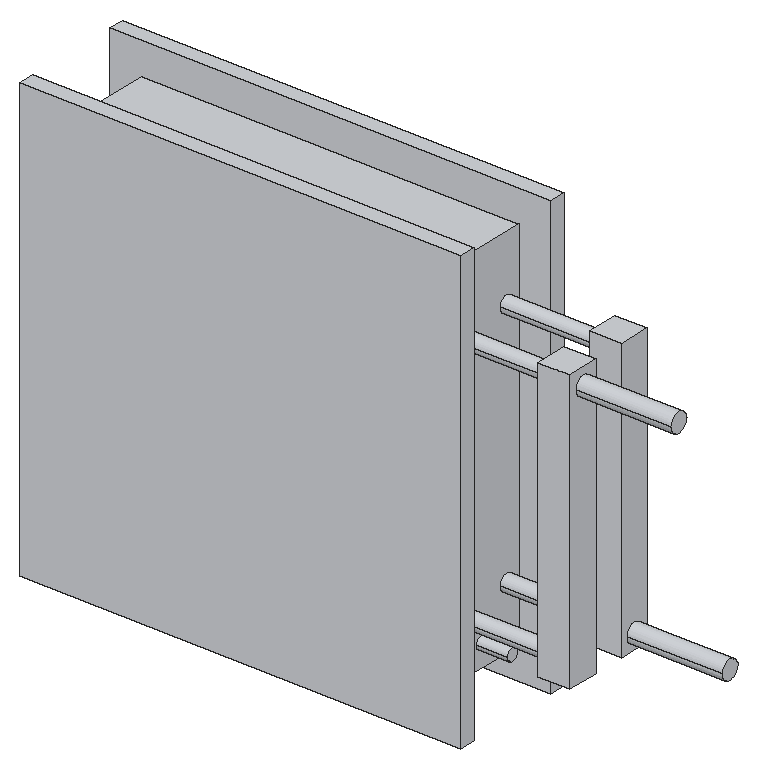
Revit family "M_Serpentina - Água resfriada", category Equipamento mecânico, Revit 2019
Family settings
  Cota do conector redondo = Usar raio
  Tipo de parte = Normal
  Número OmniClass = 23.75.70.21.14
  Título OmniClass = Coil Units
  ID de item do Seek = Coil - Chilled Water-0000-CAN-ENU
  Com base no plano de trabalho = Não
  Sempre na vertical = Sim
  Corte com vazios quando carregada = Não
  Compartilhado = Não
  Ponto de cálculo do ambiente = Não
Parameters (values of type "Padrão")
  Largura do duto [instance] = 300 mm
  Altura do duto [instance] = 300 mm
  Fluxo da drenagem [instance] = 0.0 L/s
  Material da serpentina = none
  Comprimento da serpentina [instance] = Largura do duto + 159 mm  # 459 mm
  Raio da água = Diâmetro da água / 2  # 7.5 mm
  Queda de pressão da água [instance] = 0.0 Pa
  Fluxo da água [instance] = 0.0 L/s
  Diâmetro da água = 15 mm
  Queda de pressão do ar [instance] = 8.0 Pa
  Fluxo de ar [instance] = 236.0 L/s
Reference planes
  plane 1 "Centro (Frente/Trás)": y = 0
  plane 2: z = 0
  plane 3 "Centro (Esquerda/Direita)": x = 0
  plane 4: y = 76.2
  plane 5: y = 88.9
  plane 6: y = -12.7
  plane 7: x = -150
  plane 8: x = 150
  plane 9: x = -207.15
  plane 10: x = -175.4
  plane 11: x = 175.4
  plane 12: x = 251.85
  plane 13: x = 226.45
  plane 14: x = 328.05
  plane 15: y = 63.5
  plane 16: y = 12.7
  plane 17: z = -25.4
  plane 18: z = 300
  plane 19: z = 325.4
  plane 20: z = 249.2
  plane 21: z = 50.8
  plane 22: z = 19.05
Forms (mm)
  Extrusion 1, solid, material <- "Material da serpentina"
    sketch origin (0, 0, 0) x (1, 0, 0) y (0, 1, 0)
      loop
        line (-150, 76.2) -> (-150, 0) -> (150, 0) -> (150, 76.2) -> (-150, 76.2)
    from 0 to 300
  Extrusion 2, solid, material <- "Material da serpentina"
    sketch origin (0, 0, 0) x (1, 0, 0) y (0, 0, 1)
      loop
        line (-175.4, 325.4) -> (-175.4, -25.4) -> (175.4, -25.4) -> (175.4, 325.4) -> (-175.4, 325.4)
    from 0 to 12.7
  Extrusion 3, solid, material <- "Material da serpentina"
    sketch origin (0, 0, 0) x (1, 0, 0) y (0, 0, 1)
      loop
        line (-175.4, 325.4) -> (-175.4, -25.4) -> (175.4, -25.4) -> (175.4, 325.4) -> (-175.4, 325.4)
    from -88.9 to -76.2
  Sweep 4, solid, material <- "Material da serpentina"
    path origin (0, 0, 0) x (1, 0, 0) y (0, 0, 1)
      loop
        line (-150, 211.1) -> (-175.4, 211.1)
        arc (-175.4, 211.1) -> (-200.8, 185.7) -> (-175.4, 160.3) r 25.4
        line (-175.4, 160.3) -> (-150, 160.3)
    profile origin (-162.7, 0, 211.1) x (0, 0, -1) y (0, -1, 0)
      loop
        circle (0, -38.1) r 6.35
  Sweep 5, solid, material <- "Material da serpentina"
    path origin (0, 0, 0) x (1, 0, 0) y (0, 1, 0)
      loop
        line (150, 63.5) -> (226.45, 63.5)
    profile origin (188.225, 63.5, 0) x (0, 1, 0) y (0, 0, 1)
      loop
        circle (0, 249.2) r 6.35
  Sweep 6, solid, material <- "Material da serpentina"
    path origin (0, 0, 0) x (1, 0, 0) y (0, 1, 0)
      loop
        line (150, 63.5) -> (226.45, 63.5)
    profile origin (188.225, 63.5, 0) x (0, 1, 0) y (0, 0, 1)
      loop
        circle (0, 50.8) r 6.35
  Sweep 7, solid, material <- "Material da serpentina"
    path origin (0, 0, 0) x (1, 0, 0) y (0, 1, 0)
      loop
        line (150, 12.7) -> (226.45, 12.7)
    profile origin (188.225, 12.7, 0) x (0, 1, 0) y (0, 0, 1)
      loop
        circle (0, 50.8) r 6.35
  Sweep 8, solid, material <- "Material da serpentina"
    path origin (0, 0, 0) x (1, 0, 0) y (0, 1, 0)
      loop
        line (150, 12.7) -> (226.45, 12.7)
    profile origin (188.225, 12.7, 0) x (0, 1, 0) y (0, 0, 1)
      loop
        circle (0, 249.2) r 6.35
  Extrusion 9, solid, material <- "Material da serpentina"
    sketch origin (0, 0, 0) x (0, 1, 0) y (0, 0, 1)
      loop
        line (76.2, 261.9) -> (50.8, 261.9) -> (50.8, 38.1) -> (76.2, 38.1) -> (76.2, 261.9)
      loop
        line (25.4, 261.9) -> (0, 261.9) -> (0, 38.1) -> (25.4, 38.1) -> (25.4, 261.9)
    from 226.45 to 251.85
  Extrusion 10, solid, material <- "Material da serpentina"
    sketch origin (0, 0, 0) x (0, 1, 0) y (0, 0, 1)
      loop
        circle (63.5, 50.8) r 7.5
      loop
        circle (12.7, 249.2) r 7.5
    from 251.85 to 328.05
  Extrusion 11, solid, material <- "Material da serpentina"
    sketch origin (0, 0, 0) x (0, 1, 0) y (0, 0, 1)
      loop
        circle (38.1, 19.05) r 4.763
    from 150 to 175.4
Cuts and joins
  joined: Extrusion 1, Extrusion 2, Extrusion 3, Sweep 4, Sweep 5, Sweep 6, Sweep 7, Sweep 8, Extrusion 9, Extrusion 10
Dimensions and locks
  locked: plane 4 to plane 1 "Centro (Frente/Trás)" at 76.2
  locked: plane 5 to plane 4 at 12.7
  locked: plane 6 to plane 1 "Centro (Frente/Trás)" at 12.7
  equal spacing: plane 7, plane 3 "Centro (Esquerda/Direita)", plane 8
  "Largura do duto": plane 7 to plane 8
  locked: plane 9 to plane 7 at 57.15
  locked: plane 10 to plane 7 at 25.4
  locked: plane 8 to plane 11 at 25.4
  "Comprimento da serpentina": plane 9 to plane 12
  locked: plane 13 to plane 12 at 25.4
  locked: plane 12 to plane 14 at 76.2
  locked: plane 5 to plane 15 at 25.4
  locked: plane 16 to plane 6 at 25.4
  locked: level to plane 2 at 0
  locked: plane 2 to plane 17 at 25.4
  "Altura do duto": plane 18 to plane 2
  locked: plane 19 to plane 18 at 25.4
  locked: plane 18 to plane 20 at 50.8
  locked: plane 21 to plane 2 at 50.8
  equal spacing: Extrusion 3, Sweep 4 sketch curve, plane 6
  locked: Extrusion 9 sketch curve to Extrusion 9 sketch curve at 25.4  (x2)
  equal spacing: Extrusion 9 sketch curve, plane 15, Extrusion 9 sketch curve
  locked: Extrusion 9 sketch curve to plane 20 at 12.7
  locked: plane 21 to Extrusion 9 sketch curve at 12.7
  equal spacing: Extrusion 9 sketch curve, plane 16, Extrusion 9 sketch curve
  locked: plane 22 to level at 19.05
  equal spacing: plane 6, Extrusion 11 sketch curve, plane 5
  locked: Extrusion 11 to Extrusion 11 at 25.4
  "Raio da água": radius of Extrusion 10 sketch curve  (x2)
  aligned and locked: plane 7 to Extrusion 1 sketch curve
  aligned and locked: Extrusion 1 sketch curve to plane 4
  aligned and locked: Extrusion 1 sketch curve to plane 8
  aligned and locked: Extrusion 1 sketch curve to plane 1 "Centro (Frente/Trás)"
  aligned and locked: plane 18 to Extrusion 1
  aligned and locked: Extrusion 1 to plane 2
  aligned and locked: plane 10 to Extrusion 2 sketch curve
  aligned and locked: Extrusion 2 sketch curve to plane 19
  aligned and locked: plane 17 to Extrusion 2 sketch curve
  aligned and locked: Extrusion 2 sketch curve to plane 11
  aligned and locked: Extrusion 2 to plane 1 "Centro (Frente/Trás)"
  aligned and locked: Extrusion 2 to plane 6
  aligned and locked: Extrusion 3 sketch curve to plane 11
  aligned and locked: Extrusion 3 sketch curve to plane 19
  aligned and locked: plane 10 to Extrusion 3 sketch curve
  aligned and locked: plane 17 to Extrusion 3 sketch curve
  aligned and locked: plane 5 to Extrusion 3
  aligned and locked: Extrusion 3 to plane 4
  aligned and locked: plane 7 to Sweep 4 sketch curve  (x2)
  aligned and locked: plane 8 to Sweep 5 sketch curve
  aligned and locked: Sweep 5 sketch curve to plane 15
  aligned and locked: plane 13 to Sweep 5 sketch curve
  aligned and locked: plane 20 to Sweep 5 sketch curve
  aligned and locked: plane 8 to Sweep 6 sketch curve
  aligned and locked: plane 13 to Sweep 6 sketch curve
  aligned and locked: Sweep 6 sketch curve to plane 15
  aligned and locked: plane 21 to Sweep 6 sketch curve
  aligned and locked: plane 15 to Sweep 6 sketch curve
  aligned and locked: plane 8 to Sweep 7 sketch curve
  aligned and locked: plane 13 to Sweep 7 sketch curve
  aligned and locked: Sweep 7 sketch curve to plane 16
  aligned and locked: plane 16 to Sweep 7 sketch curve
  aligned and locked: plane 21 to Sweep 7 sketch curve
  aligned and locked: plane 8 to Sweep 8 sketch curve
  aligned and locked: plane 13 to Sweep 8 sketch curve
  aligned and locked: Sweep 8 sketch curve to plane 16
  aligned and locked: plane 16 to Sweep 8 sketch curve
  aligned and locked: plane 20 to Sweep 8 sketch curve
  aligned and locked: Extrusion 9 sketch curve to Extrusion 9 sketch curve  (x2)
  aligned and locked: Extrusion 9 to plane 13
  aligned and locked: plane 12 to Extrusion 9
  aligned and locked: plane 21 to Extrusion 10 sketch curve
  aligned and locked: plane 15 to Extrusion 10 sketch curve
  aligned and locked: plane 16 to Extrusion 10 sketch curve
  aligned and locked: plane 20 to Extrusion 10 sketch curve
  aligned and locked: plane 14 to Extrusion 10
  aligned and locked: Extrusion 10 to plane 12
  aligned and locked: plane 22 to Extrusion 11 sketch curve
  aligned and locked: Extrusion 11 to plane 8
Automatic sketch dimensions
  Sweep 4 sketch curve to plane 10 = 0 mm
  Sweep 4 sketch curve to plane 20 = 88.9 mm
  Sweep 4 sketch curve to Sweep 4 sketch curve = 25.4 mm
  Sweep 4 sketch curve to profile plane = 0 mm
  Sweep 5 sketch curve to profile plane = 0 mm
  radius of Sweep 4 sketch curve = 6.35 mm
  radius of Sweep 5 sketch curve = 6.35 mm
  radius of Sweep 6 sketch curve = 6.35 mm
  radius of Sweep 7 sketch curve = 6.35 mm
  radius of Sweep 8 sketch curve = 6.35 mm
  radius of Extrusion 11 sketch curve = 4.763 mm
Connectors
  hvac at (0, -12.7, 150), driven by "Queda de pressão do ar", driven by "Fluxo de ar", driven by "Altura do duto", driven by "Largura do duto"
    settings: on cut or joined group 1 (Extrusion 1, Extrusion 2, Extrusion 3, Sweep 4, Sweep 5, Sweep 6, Sweep 7, Sweep 8, Extrusion 9, Extrusion 10), index 1, duct flow 236.0 L/s, flow factor 0, pres drop 8.0 Pa, loss coef 0, conn angle 0.00°, conn width 300 mm, conn height 300 mm, conn diameter 609.6 mm, duct sys type 1, conn prof type 1, flow config 0, flow direction 0, loss method 4, conn ref index 2, conn util no, is conn primary yes, conn desc ""
  hvac at (0, 88.9, 150), driven by "Fluxo de ar", driven by "Altura do duto", driven by "Largura do duto"
    settings: on cut or joined group 1, index 2, duct flow 236.0 L/s, flow factor 0, pres drop 0.0 Pa, loss coef 0, conn angle 0.00°, conn width 300 mm, conn height 300 mm, conn diameter 609.6 mm, duct sys type 1, conn prof type 1, flow config 0, flow direction 0, loss method 4, conn ref index 1, conn util no, is conn primary no, conn desc ""
  piping at (328.05, 63.5, 50.8), diameter 15, driven by "Fluxo da água", driven by "Raio da água"
    settings: on cut or joined group 1, index 3, connector inside diameter 15 mm, connector length 0 mm, flow factor 0, pipe flow 0.0 L/s, pressure drop 0.0 Pa, fitting loss kfactor 0, connector angle 0.00°, fixture units 0, engagement length 0 mm, angle of deflection 0.00°, flow configuration 1, flow direction 1, fitting loss method 4, system type 7, joint type 0, gender type 0, connector reference index 4, connector utility 0, adjustable connector no, is connector primary yes, connector description "Entrada de água"
  piping at (328.05, 12.7, 249.2), diameter 15, driven by "Fluxo da água", driven by "Queda de pressão da água", driven by "Raio da água"
    settings: on cut or joined group 1, index 4, connector inside diameter 15 mm, connector length 0 mm, flow factor 0, pipe flow 0.0 L/s, pressure drop 0.0 Pa, fitting loss kfactor 0, connector angle 0.00°, fixture units 0, engagement length 0 mm, angle of deflection 0.00°, flow configuration 1, flow direction 2, fitting loss method 4, system type 8, joint type 0, gender type 0, connector reference index 3, connector utility 0, adjustable connector no, is connector primary no, connector description "Saída de água"
  piping at (175.4, 38.1, 19.05), diameter 9.525, driven by "Fluxo da drenagem"
    settings: on Extrusion 11, index 5, connector inside diameter 9.525 mm, connector length 0 mm, flow factor 0, pipe flow 0.0 L/s, pressure drop 0.0 Pa, fitting loss kfactor 0, connector angle 0.00°, fixture units 0, engagement length 0 mm, angle of deflection 0.00°, flow configuration 1, flow direction 2, fitting loss method 0, system type 16, joint type 0, gender type 0, connector reference index -1, connector utility 0, adjustable connector yes, is connector primary no, connector description "Saída da drenagem"
